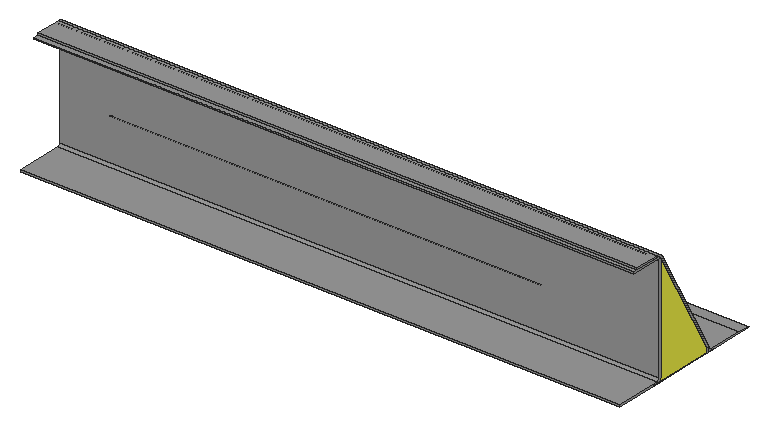
Revit family "CFS K 130 WIL", category Generic Models, Revit 2014
Parameters (values of type "Max lintel length 4800mm")
  URL = "http://www.keystonelintels.co.uk"
  Structural Opening [instance] = 900 mm
  Structural Performance = "The Keystone lintel range has safe working loads as detailed in each applicable loading table in the Keystone Lintel Guide brochure. The structural performance figures within each table have been ascertained by testing in accordance with the requirements of standards BS EN 5977-2: 1983 and BS EN 845-2: 2003."
  RIBA Productor Selector = "available for Keystone Lintels Ltd from Keystone Lintels Ltd from ribaproductselector.com"
  Model = "CFS/K 130 WIL"
  Min Length = 600 mm
  Min Clear Span = 300 mm
  Max Length = 4800 mm
  Max Clear Span = 4800 mm
  Material - Stainless Steel = "Grade 304 2b 1.4307 to BS EN 10088-2. Other grades available on request: contact manufacturer."
  Material - Galvanised Steel = "To BS EN 10346: 2009. DX51D plus Z600 or grade Z275 to BS 5977-2: 1983 (BS EN 845-2: 2003)."
  Manufacturer = "Keystone"
  Manufactured Length [instance] = (roundup(Effective Length / 150 mm) * 150 mm)  # 1200 mm
  Lintel height [instance] = 2100 mm
  Keynote = "F30/755"
  Fire Performance = "Keystone lintels have been subjected to a fire test (WARRES No. 101263) in accordance with BS 476-20: 1987, at Exova Warrington Fire and achieved a one hour fire performance."
  End Bearing = 150 mm
  Effective Length [instance] = Clear Opening with MIN MAX set + End Bearing * 2  # 1200 mm
  Corrosion = "Keystone’s standard range of lintels are manufactured from high quality grade pre-galvanized carbon steel with a zinc coating of 600"
  Contact Tel = "+44 (0)28 8676 2184"
  Contact Email = "info@keystonelintels.co.uk"
  Clear Opening with MIN MAX set [instance] = if(Structural Opening < Min Clear Span, Min Clear Span, (if(Structural Opening > Max Clear Span, Max Clear Span, Structural Opening)))  # 900 mm
  CPD Information = "Available for Keystone Lintels Ltd from ribacpd.com"
Reference planes
  plane 1 "Center (Front/Back)": y = 0
  plane 2: z = 0
  plane 3 "Center (Left/Right)": x = 0
  plane 4: x = -600
  plane 5: x = 600
  plane 6: z = 2100
  plane 7: x = -450
  plane 8: x = 450
Forms (mm)
  Extrusion 1, solid, material "Steel"
    sketch origin (0, 712.136, -496.245) x (0, 1, 0) y (0, 0, 1)
      loop
        line (-580.583, 2596.245) -> (-555.61, 2595.339) -> (-555.494, 2598.537) -> (-580.525, 2599.445) -> (-650.538, 2599.445)
        arc (-650.538, 2599.445) -> (-651.408, 2599.684) -> (-652.033, 2600.336) r 1.7
        line (-652.033, 2600.336) -> (-772.24, 2819.476)
        arc (-772.24, 2819.476) -> (-776.317, 2823.689) -> (-781.972, 2825.238) r 11.1
        line (-781.972, 2825.238) -> (-833.479, 2825.238) -> (-833.479, 2822.031) -> (-781.968, 2822.031)
        arc (-781.968, 2822.031) -> (-777.943, 2820.929) -> (-775.041, 2817.93) r 7.9
        line (-775.041, 2817.93) -> (-654.848, 2598.814)
        arc (-654.848, 2598.814) -> (-653.047, 2596.936) -> (-650.538, 2596.245) r 4.9
        line (-650.538, 2596.245) -> (-580.583, 2596.245)
    from -600 to 600
  Extrusion 2, solid, material "Steel"
    sketch origin (0, 712.469, -496.238) x (0, 1, 0) y (0, 0, 1)
      loop
        arc (-783.478, 2596.238) -> (-777.892, 2598.551) -> (-775.578, 2604.138) r 7.9
        line (-775.578, 2604.138) -> (-775.578, 2814.131)
        arc (-775.578, 2814.131) -> (-777.892, 2819.717) -> (-783.478, 2822.031) r 7.9
        line (-783.478, 2822.031) -> (-843.478, 2822.031) -> (-843.478, 2818.831) -> (-783.778, 2818.831)
        arc (-783.778, 2818.831) -> (-780.243, 2817.366) -> (-778.778, 2813.831) r 5
        line (-778.778, 2813.831) -> (-778.778, 2604.138)
        arc (-778.778, 2604.138) -> (-780.155, 2600.814) -> (-783.478, 2599.438) r 4.7
        line (-783.478, 2599.438) -> (-878.478, 2599.438) -> (-878.478, 2596.238) -> (-783.478, 2596.238)
    from -600 to 600
  Extrusion 3, solid, material "Steel"
    sketch origin (0, 712.136, -496.245) x (0, 1, 0) y (0, 0, 1)
      loop
        line (-795.858, 2595.245) -> (-640.827, 2595.245) -> (-640.827, 2596.245) -> (-657.827, 2596.245) -> (-657.827, 2604.245) -> (-658.827, 2604.245) -> (-658.827, 2596.245) -> (-795.858, 2596.245) -> (-795.858, 2595.245)
    from -600 to 600
  Extrusion 4, solid, material "Insulation"
    sketch origin (0, 712.136, -496.245) x (0, 1, 0) y (0, 0, 1)
      loop
        arc (-650.538, 2596.245) -> (-653.047, 2596.936) -> (-654.848, 2598.814) r 4.9
        line (-654.848, 2598.814) -> (-775.041, 2817.93)
        arc (-775.041, 2817.93) -> (-778.273, 2821.113) -> (-782.723, 2821.994) r 7.9
        arc (-782.723, 2821.994) -> (-777.631, 2819.443) -> (-775.578, 2814.131) r 7.9
        line (-775.578, 2814.131) -> (-775.578, 2604.138)
        arc (-775.578, 2604.138) -> (-777.776, 2598.67) -> (-783.146, 2596.245) r 7.9
        line (-783.146, 2596.245) -> (-658.827, 2596.245) -> (-658.827, 2604.245) -> (-657.827, 2603.977) -> (-657.827, 2596.245) -> (-650.538, 2596.245)
    from -600 to 600
  Extrusion 5, solid, not visible
    sketch origin (0, 918.614, 1201.818) x (0, 1, 0) y (0, 0, 1)
      loop
        line (-580.583, 996.245) -> (-555.61, 995.339) -> (-555.494, 998.537) -> (-580.525, 999.445) -> (-650.538, 999.445)
        arc (-650.538, 999.445) -> (-651.408, 999.684) -> (-652.033, 1000.336) r 1.7
        line (-652.033, 1000.336) -> (-772.24, 1219.476)
        arc (-772.24, 1219.476) -> (-776.317, 1223.689) -> (-781.972, 1225.238) r 11.1
        line (-781.972, 1225.238) -> (-833.479, 1225.238) -> (-833.479, 1222.031) -> (-781.968, 1222.031)
        arc (-781.968, 1222.031) -> (-777.943, 1220.929) -> (-775.041, 1217.93) r 7.9
        line (-775.041, 1217.93) -> (-654.848, 998.814)
        arc (-654.848, 998.814) -> (-653.047, 996.936) -> (-650.538, 996.245) r 4.9
        line (-650.538, 996.245) -> (-580.583, 996.245)
    from 0 to 250
  Extrusion 6, solid, not visible
    sketch origin (0, 693.244, 1177.53) x (0, 1, 0) y (0, 0, 1)
      loop
        arc (-783.478, 996.238) -> (-777.892, 998.551) -> (-775.578, 1004.138) r 7.9
        line (-775.578, 1004.138) -> (-775.578, 1214.131)
        arc (-775.578, 1214.131) -> (-777.892, 1219.717) -> (-783.478, 1222.031) r 7.9
        line (-783.478, 1222.031) -> (-843.478, 1222.031) -> (-843.478, 1218.831) -> (-783.778, 1218.831)
        arc (-783.778, 1218.831) -> (-780.243, 1217.366) -> (-778.778, 1213.831) r 5
        line (-778.778, 1213.831) -> (-778.778, 1004.138)
        arc (-778.778, 1004.138) -> (-780.155, 1000.814) -> (-783.478, 999.438) r 4.7
        line (-783.478, 999.438) -> (-878.478, 999.438) -> (-878.478, 996.238) -> (-783.478, 996.238)
    from 0 to 250
  Extrusion 7, solid, not visible
    sketch origin (0, 908.913, 1038.721) x (0, 1, 0) y (0, 0, 1)
      loop
        line (-795.858, 995.245) -> (-640.827, 995.245) -> (-640.827, 996.245) -> (-657.827, 996.245) -> (-657.827, 1004.245) -> (-658.827, 1004.245) -> (-658.827, 996.245) -> (-795.858, 996.245) -> (-795.858, 995.245)
    from 0 to 250
  Extrusion 8, solid, not visible
    sketch origin (0, 528.427, 841.573) x (0, 1, 0) y (0, 0, 1)
      loop
        arc (-650.538, 996.245) -> (-653.047, 996.936) -> (-654.848, 998.814) r 4.9
        line (-654.848, 998.814) -> (-775.041, 1217.93)
        arc (-775.041, 1217.93) -> (-778.273, 1221.113) -> (-782.723, 1221.994) r 7.9
        arc (-782.723, 1221.994) -> (-777.631, 1219.443) -> (-775.578, 1214.131) r 7.9
        line (-775.578, 1214.131) -> (-775.578, 1004.138)
        arc (-775.578, 1004.138) -> (-777.776, 998.67) -> (-783.146, 996.245) r 7.9
        line (-783.146, 996.245) -> (-658.827, 996.245) -> (-658.827, 1004.245) -> (-657.827, 1003.977) -> (-657.827, 996.245) -> (-650.538, 996.245)
    from 0 to 250
Dimensions and locks
  equal spacing: plane 4, plane 3 "Center (Left/Right)", plane 5
  "Manufactured Length": plane 4 to plane 5
  "Lintel height": plane 6 to level
  "Structural Opening": plane 7 to plane 8
  equal spacing: plane 7, plane 3 "Center (Left/Right)", plane 8
  aligned and locked: level to plane 2
  aligned and locked: Extrusion 1 to plane 6
  aligned and locked: Extrusion 4 to plane 6
  aligned and locked: plane 6 to Extrusion 3
  aligned and locked: Extrusion 2 to plane 6
  aligned and locked: plane 5 to Extrusion 1
  aligned and locked: Extrusion 1 to plane 4
  aligned and locked: plane 5 to Extrusion 2
  aligned and locked: Extrusion 2 to plane 4
  aligned and locked: plane 5 to Extrusion 4
  aligned and locked: Extrusion 4 to plane 4
  aligned and locked: plane 5 to Extrusion 3
  aligned and locked: Extrusion 3 to plane 4
Automatic sketch dimensions
  Extrusion 1 sketch curve to Extrusion 1 sketch curve = 24.973 mm
  Extrusion 1 sketch curve to Extrusion 1 sketch curve = 0.116 mm
  Extrusion 1 sketch curve to Extrusion 1 sketch curve = 0.905 mm
  Extrusion 1 sketch curve to Extrusion 1 sketch curve = 0.058 mm
  Extrusion 1 sketch curve to Extrusion 1 sketch curve = 69.955 mm
  Extrusion 1 sketch curve to Extrusion 1 sketch curve = 0 mm  (x4)
  Extrusion 1 sketch curve to Extrusion 1 sketch curve = 1.7 mm
  Extrusion 1 sketch curve to Extrusion 1 sketch curve = 1.495 mm
  Extrusion 1 sketch curve to Extrusion 1 sketch curve = 2.815 mm
  Extrusion 1 sketch curve to Extrusion 1 sketch curve = 120.206 mm
  Extrusion 1 sketch curve to Extrusion 1 sketch curve = 219.14 mm
  Extrusion 1 sketch curve to Extrusion 1 sketch curve = 2.802 mm
  Extrusion 1 sketch curve to Extrusion 1 sketch curve = 1.546 mm
  Extrusion 1 sketch curve to Extrusion 1 sketch curve = 6.926 mm
  Extrusion 1 sketch curve to Extrusion 1 sketch curve = 3.799 mm
  Extrusion 1 sketch curve to Extrusion 1 sketch curve = 0.004 mm
  Extrusion 1 sketch curve to Extrusion 1 sketch curve = 0.007 mm
  Extrusion 1 sketch curve to Extrusion 1 sketch curve = 51.507 mm
  Extrusion 2 sketch curve to Extrusion 2 sketch curve = 95 mm
  Extrusion 2 sketch curve to Extrusion 2 sketch curve = 3.2 mm
  Extrusion 2 sketch curve to Extrusion 2 sketch curve = 4.7 mm  (x2)
  Extrusion 2 sketch curve to Extrusion 2 sketch curve = 0 mm  (x4)
  Extrusion 2 sketch curve to Extrusion 2 sketch curve = 209.693 mm
  Extrusion 2 sketch curve to Extrusion 2 sketch curve = 0.3 mm  (x2)
  Extrusion 2 sketch curve to Extrusion 2 sketch curve = 59.7 mm
  Extrusion 3 sketch curve to Extrusion 3 sketch curve = 155.031 mm
  Extrusion 3 sketch curve to Extrusion 3 sketch curve = 1 mm  (x2)
  Extrusion 3 sketch curve to Extrusion 3 sketch curve = 17 mm
  Extrusion 3 sketch curve to Extrusion 3 sketch curve = 8 mm
  Extrusion 3 sketch curve to Extrusion 3 sketch curve = 0 mm
  Extrusion 4 sketch curve to Extrusion 4 sketch curve = 0 mm  (x4)
  Extrusion 4 sketch curve to Extrusion 4 sketch curve = 0.333 mm
  Extrusion 4 sketch curve to Extrusion 4 sketch curve = 1.511 mm
  Extrusion 4 sketch curve to Extrusion 4 sketch curve = 7.9 mm
  Extrusion 4 sketch curve to Extrusion 4 sketch curve = 0.537 mm
  Extrusion 4 sketch curve to Extrusion 4 sketch curve = 116.751 mm
  Extrusion 4 sketch curve to Extrusion 4 sketch curve = 1 mm
  Extrusion 4 sketch curve to Extrusion 4 sketch curve = 2.979 mm
  Extrusion 4 sketch curve to Extrusion 4 sketch curve = 4.31 mm
  Extrusion 4 sketch curve to Extrusion 4 sketch curve = 2.569 mm
  Extrusion 4 sketch curve to Extrusion 4 sketch curve = 4.9 mm
  Extrusion 4 sketch curve to Extrusion 4 sketch curve = 5.431 mm
  Extrusion 4 sketch curve to Extrusion 4 sketch curve = 209.993 mm
  Extrusion 4 sketch curve to Extrusion 4 sketch curve = 3.799 mm
  Extrusion 4 sketch curve to Extrusion 4 sketch curve = 0.268 mm
  Extrusion 5 sketch curve to Extrusion 5 sketch curve = 24.973 mm
  Extrusion 5 sketch curve to Extrusion 5 sketch curve = 0.116 mm
  Extrusion 5 sketch curve to Extrusion 5 sketch curve = 0.905 mm
  Extrusion 5 sketch curve to Extrusion 5 sketch curve = 0.058 mm
  Extrusion 5 sketch curve to Extrusion 5 sketch curve = 69.955 mm
  Extrusion 5 sketch curve to Extrusion 5 sketch curve = 0 mm  (x4)
  Extrusion 5 sketch curve to Extrusion 5 sketch curve = 1.7 mm
  Extrusion 5 sketch curve to Extrusion 5 sketch curve = 1.495 mm
  Extrusion 5 sketch curve to Extrusion 5 sketch curve = 2.815 mm
  Extrusion 5 sketch curve to Extrusion 5 sketch curve = 120.206 mm
  Extrusion 5 sketch curve to Extrusion 5 sketch curve = 219.14 mm
  Extrusion 5 sketch curve to Extrusion 5 sketch curve = 2.802 mm
  Extrusion 5 sketch curve to Extrusion 5 sketch curve = 1.546 mm
  Extrusion 5 sketch curve to Extrusion 5 sketch curve = 6.926 mm
  Extrusion 5 sketch curve to Extrusion 5 sketch curve = 3.799 mm
  Extrusion 5 sketch curve to Extrusion 5 sketch curve = 0.004 mm
  Extrusion 5 sketch curve to Extrusion 5 sketch curve = 0.007 mm
  Extrusion 5 sketch curve to Extrusion 5 sketch curve = 51.507 mm
  Extrusion 6 sketch curve to Extrusion 6 sketch curve = 95 mm
  Extrusion 6 sketch curve to Extrusion 6 sketch curve = 3.2 mm
  Extrusion 6 sketch curve to Extrusion 6 sketch curve = 4.7 mm  (x2)
  Extrusion 6 sketch curve to Extrusion 6 sketch curve = 0 mm  (x4)
  Extrusion 6 sketch curve to Extrusion 6 sketch curve = 209.693 mm
  Extrusion 6 sketch curve to Extrusion 6 sketch curve = 0.3 mm  (x2)
  Extrusion 6 sketch curve to Extrusion 6 sketch curve = 59.7 mm
  Extrusion 7 sketch curve to Extrusion 7 sketch curve = 155.031 mm
  Extrusion 7 sketch curve to Extrusion 7 sketch curve = 1 mm  (x2)
  Extrusion 7 sketch curve to Extrusion 7 sketch curve = 17 mm
  Extrusion 7 sketch curve to Extrusion 7 sketch curve = 8 mm
  Extrusion 7 sketch curve to Extrusion 7 sketch curve = 0 mm
  Extrusion 8 sketch curve to Extrusion 8 sketch curve = 0 mm  (x4)
  Extrusion 8 sketch curve to Extrusion 8 sketch curve = 0.333 mm
  Extrusion 8 sketch curve to Extrusion 8 sketch curve = 1.511 mm
  Extrusion 8 sketch curve to Extrusion 8 sketch curve = 7.9 mm
  Extrusion 8 sketch curve to Extrusion 8 sketch curve = 0.537 mm
  Extrusion 8 sketch curve to Extrusion 8 sketch curve = 116.751 mm
  Extrusion 8 sketch curve to Extrusion 8 sketch curve = 1 mm
  Extrusion 8 sketch curve to Extrusion 8 sketch curve = 2.979 mm
  Extrusion 8 sketch curve to Extrusion 8 sketch curve = 4.31 mm
  Extrusion 8 sketch curve to Extrusion 8 sketch curve = 2.569 mm
  Extrusion 8 sketch curve to Extrusion 8 sketch curve = 4.9 mm
  Extrusion 8 sketch curve to Extrusion 8 sketch curve = 5.431 mm
  Extrusion 8 sketch curve to Extrusion 8 sketch curve = 209.993 mm
  Extrusion 8 sketch curve to Extrusion 8 sketch curve = 3.799 mm
  Extrusion 8 sketch curve to Extrusion 8 sketch curve = 0.268 mm
  Extrusion 4 sketch curve to plane 6 = 0 mm
  plane 1 "Center (Front/Back)" to Extrusion 4 sketch curve = 71.342 mm
  Extrusion 2 sketch curve to plane 6 = 0 mm
  plane 1 "Center (Front/Back)" to Extrusion 2 sketch curve = 166.009 mm
  Extrusion 1 sketch curve to plane 6 = 0 mm
  plane 1 "Center (Front/Back)" to Extrusion 1 sketch curve = 121.342 mm
  Extrusion 3 sketch curve to plane 6 = 0 mm
  plane 1 "Center (Front/Back)" to Extrusion 3 sketch curve = 83.721 mm
